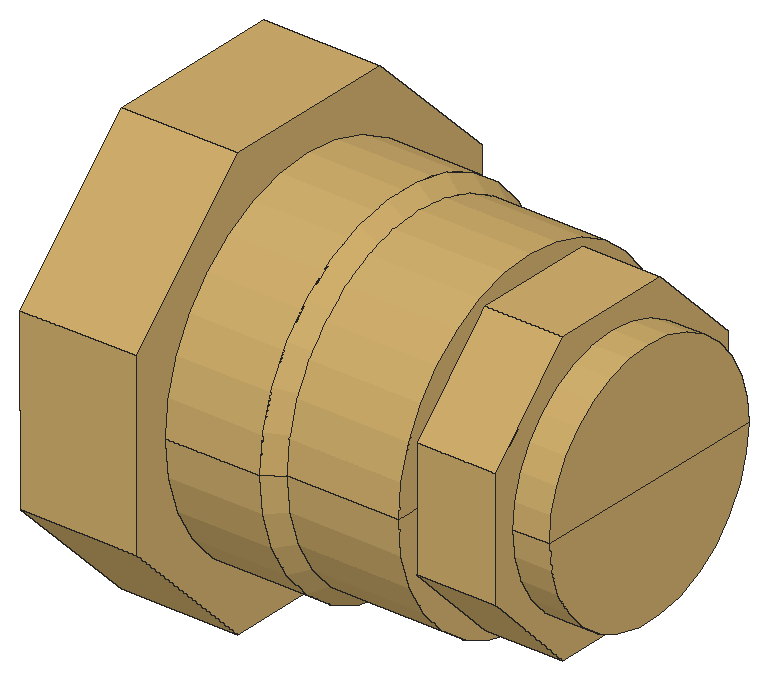
Revit family "Plumbing_Joints_Aignep_Reducer-90620", category Pipe Fittings, Revit 2018
Family settings
  Round Connector Dimension = Use Diameter
  Part Type = Transition
  OmniClass Number = 23.27.43.00
  Work Plane-Based = No
  Always vertical = Yes
  Cut with Voids When Loaded = No
  Shared = No
Parameters (values of type "90620")
  rDistance [instance] = if(Nominal Diameter 01 > Nominal Diameter 02, ch1, b + ch2)  # 14.00 mm
  d [instance] = if(Nominal Diameter 01 > Nominal Diameter 02, 1.50 mm, 0.00 mm)  # 1.50 mm
  ch2 [instance] = if(Nominal Diameter 01 > Nominal Diameter 02, size_lookup(Lookup Table Name, "ch2", 0.00 mm, Nominal Diameter 01, Nominal Diameter 02), size_lookup(Lookup Table Name, "ch2", 0.00 mm, Nominal Diameter 02, Nominal Diameter 01))  # 9.50 mm
  ch1 [instance] = if(Nominal Diameter 01 > Nominal Diameter 02, size_lookup(Lookup Table Name, "ch1", 0.00 mm, Nominal Diameter 01, Nominal Diameter 02), size_lookup(Lookup Table Name, "ch1", 0.00 mm, Nominal Diameter 02, Nominal Diameter 01))  # 14.00 mm
  c [instance] = if(Nominal Diameter 01 > Nominal Diameter 02, 0.00 mm, 1.50 mm)  # 0.00 mm
  b [instance] = if(Nominal Diameter 01 > Nominal Diameter 02, L - CH2 Distance - ch2, CH2 Distance)  # 4.50 mm
  a [instance] = if(Nominal Diameter 01 > Nominal Diameter 02, CH2D + ch2, 0.00 mm)  # 50.50 mm
  Tick Size 02 [instance] = Nominal Diameter 02 * 0.4  # 10.00 mm
  QR code = "https://www.bimobject.com/aignep/product/reducer-90620"
  Product url = "https://www.aignep.com/eng/Pipe-fittings-INFINITY/Air-Pipeline-INFINITY-Series/REDUCER"
  Product name = "Reducer - 90620"
  Product group = "Fittings"
  Product family = "INFINITY"
  Product certification = "https://www.aignep.com/eng/Certificazioni/FREE-OF-SILICON"
  Product SKU = "Reducer-90620"
  Product Material [instance] = AIGNEP - Brass - Yellow
  Product Guid = "d45a52a5-da90-4fda-93d0-b4d554f2275e"
  OmniClass Description = "Pipe Fittings"
  OmniClass Code = "23-27 43 00"
  Note [instance] = "For diameter 63, use Aluminium"  # constant formula
  Nominal Diameter 02 [instance] = 25 mm
  Nominal Diameter 01 [instance] = 32 mm
  Material secondary = "Aluminium"
  Material main = "Brass"
  Manufacturer name = "Aignep Spa"
  Manufacturer country = "Italy"
  Lr2 [instance] = Lr / 2 - 2.00 mm  # 11.50 mm
  Lr1 [instance] = Lr / 2  # 13.50 mm
  Lr [instance] = L - ch1 - ch2 - b  # 27.00 mm
  L [instance] = if(Nominal Diameter 01 > Nominal Diameter 02, size_lookup(Lookup Table Name, "L", 0.00 mm, Nominal Diameter 01, Nominal Diameter 02), size_lookup(Lookup Table Name, "L", 0.00 mm, Nominal Diameter 02, Nominal Diameter 01))  # 55.00 mm
  IFC Classification = "Pipe Fitting"
  E2 [instance] = if(Nominal Diameter 01 > Nominal Diameter 02, size_lookup(Lookup Table Name, "E2", 0.00 mm, Nominal Diameter 01, Nominal Diameter 02), size_lookup(Lookup Table Name, "E2", 0.00 mm, Nominal Diameter 02, Nominal Diameter 01))  # 42.50 mm
  Design country = "Italy"
  Description = "Reducer"
  URL = "https://www.aignep.com/"
  Tick Size 01 [instance] = Nominal Diameter 01 * 0.4  # 12.80 mm
  Product data url = "https://www.bimobject.com/aignep/product/reducer-90620"
  Model = "90620"
  Manufacturer = "Aignep Spa"
  Lookup Table Name = "Reducer - 90620"
  Keynote = "15410"
  Edition number = 1
  D2 [instance] = if(Nominal Diameter 01 > Nominal Diameter 02, size_lookup(Lookup Table Name, "D2", 0.00 mm, Nominal Diameter 01, Nominal Diameter 02), size_lookup(Lookup Table Name, "D2", 0.00 mm, Nominal Diameter 02, Nominal Diameter 01))  # 25.00 mm
  D1 [instance] = if(Nominal Diameter 01 > Nominal Diameter 02, size_lookup(Lookup Table Name, "D1", 0.00 mm, Nominal Diameter 01, Nominal Diameter 02), size_lookup(Lookup Table Name, "D1", 0.00 mm, Nominal Diameter 02, Nominal Diameter 01))  # 32.00 mm
  E1 [instance] = if(Nominal Diameter 01 > Nominal Diameter 02, size_lookup(Lookup Table Name, "E1", 0.00 mm, Nominal Diameter 01, Nominal Diameter 02), size_lookup(Lookup Table Name, "E1", 0.00 mm, Nominal Diameter 02, Nominal Diameter 01))  # 54.00 mm
  CH2D [instance] = if(Nominal Diameter 01 > Nominal Diameter 02, size_lookup(Lookup Table Name, "CH2D", 0.00 mm, Nominal Diameter 01, Nominal Diameter 02), size_lookup(Lookup Table Name, "CH2D", 0.00 mm, Nominal Diameter 02, Nominal Diameter 01))  # 41.00 mm
  CH2 Distance [instance] = if(Nominal Diameter 01 > Nominal Diameter 02, CH2D, L - CH2D - ch2)  # 41.00 mm
  CH2 [instance] = if(Nominal Diameter 01 > Nominal Diameter 02, size_lookup(Lookup Table Name, "CH2", 0.00 mm, Nominal Diameter 01, Nominal Diameter 02), size_lookup(Lookup Table Name, "CH2", 0.00 mm, Nominal Diameter 02, Nominal Diameter 01))  # 35.00 mm
  CH1 Distance [instance] = if(Nominal Diameter 01 > Nominal Diameter 02, 0.00 mm, L - ch1)  # 0.00 mm
  CH1 [instance] = if(Nominal Diameter 01 > Nominal Diameter 02, size_lookup(Lookup Table Name, "CH1", 0.00 mm, Nominal Diameter 01, Nominal Diameter 02), size_lookup(Lookup Table Name, "CH1", 0.00 mm, Nominal Diameter 02, Nominal Diameter 01))  # 52.00 mm
  BIMobject category = "Joints"
  B2 [instance] = if(Nominal Diameter 01 > Nominal Diameter 02, 0.00 mm, B)  # 0.00 mm
  B1 [instance] = if(Nominal Diameter 01 > Nominal Diameter 02, B, 0.00 mm)  # 38.50 mm
  B [instance] = if(Nominal Diameter 01 > Nominal Diameter 02, size_lookup(Lookup Table Name, "B", 0.00 mm, Nominal Diameter 01, Nominal Diameter 02), size_lookup(Lookup Table Name, "B", 0.00 mm, Nominal Diameter 02, Nominal Diameter 01))  # 38.50 mm
  Assembly Code = "D2040100"
  Article Code [instance] = if(Nominal Diameter 01 > Nominal Diameter 02, size_lookup(Lookup Table Name, "", "", Nominal Diameter 01, Nominal Diameter 02), size_lookup(Lookup Table Name, "", "", Nominal Diameter 02, Nominal Diameter 01))  # "90620 00 003"
Reference planes
  plane 1 "Center (Front/Back)": y = 0
  plane 2: z = 0
  plane 3 "Center (Left/Right)": x = 0
  plane 4: y = 21.25
  plane 5: y = -21.25
  plane 6: y = 12.5
  plane 7: y = -12.5
  plane 8: y = 27
  plane 9: y = -27
  plane 10: y = 16
  plane 11: y = -16
  plane 12: x = 55
  plane 13: x = 16.5
  plane 14: x = 41
  plane 15: x = 50.5
  plane 16: x = 14
  plane 17: x = 0
  plane 18: z = 26
  plane 19: z = -26
  plane 20: z = 17.5
  plane 21: z = -17.5
  plane 22: x = 0
Forms (mm)
  Extrusion 1, solid, material "AIGNEP - Brass - Yellow" <- "Product Material", detail levels fine
    sketch origin (0, 0, 0) x (0, 1, 0) y (0, 0, 1)
      loop
        line (-7.333, 17.5) -> (-17.5, 7.165) -> (-17.5, -7.165) -> (-7.333, -17.5) -> (7.333, -17.5) -> (17.5, -7.165) -> (17.5, 7.165) -> (7.333, 17.5) -> (-7.333, 17.5)
    from 41 to 50.5
  Extrusion 2, solid, material "AIGNEP - Brass - Yellow" <- "Product Material", detail levels fine
    sketch origin (-32.5, 55.314, 1200) x (0, 1, 0) y (0, 0, 1)
      loop
        line (-66.084, -1174) -> (-81.314, -1189.23) -> (-81.314, -1210.77) -> (-66.084, -1226) -> (-44.545, -1226) -> (-29.314, -1210.77) -> (-29.314, -1189.23) -> (-44.545, -1174) -> (-66.084, -1174)
    from 32.5 to 46.5
  Revolve 3, solid, material "AIGNEP - Brass - Yellow" <- "Product Material", detail levels fine
    sketch origin (0, 0, 0) x (1, 0, 0) y (0, 1, 0)
      loop
        line (55, 0) -> (55, 15) -> (50.5, 15) -> (50.5, 0) -> (55, 0)
      axis (50.5, 0) -> (55, 0)
    angle from 0 to 360
  Revolve 4, solid, material "AIGNEP - Brass - Yellow" <- "Product Material", detail levels fine
    sketch origin (0, 0, 0) x (1, 0, 0) y (0, 1, 0)
      loop
        line (14, 21.25) -> (14, -0.25) -> (41, -0.25) -> (41, 19.75) -> (27.5, 19.75) -> (25.5, 21.25) -> (14, 21.25)
      axis (41, -0.25) -> (14, -0.25)
    angle from 0 to 360
  Extrusion 5, solid, not visible
    sketch origin (-32.5, 55.314, 1200) x (0, 1, 0) y (0, 0, 1)
      loop
        circle (-55.314, -1200) r 5
    from 32.5 to 49
Lines and regions (mm)
  model lines, detail levels coarse+medium
    curve 1: line (0, 12.8, 0) -> (0, -12.8, 0)
    curve 2: line (16.5, 10, 0) -> (16.5, -10, 0)
    curve 3: line (0, 0, 0) -> (16.5, 0, 0)
Dimensions and locks
  equal spacing: plane 7, plane 1 "Center (Front/Back)", plane 6
  equal spacing: plane 5, plane 1 "Center (Front/Back)", plane 4
  "D2": plane 6 to plane 7
  "E2": plane 4 to plane 5
  equal spacing: plane 9, plane 1 "Center (Front/Back)", plane 8
  equal spacing: plane 11, plane 1 "Center (Front/Back)", plane 10
  "D1": plane 11 to plane 10
  "E1": plane 9 to plane 8
  "L": plane 3 "Center (Left/Right)" to plane 12
  "B1": plane 13 to plane 12
  "ch2": plane 14 to plane 15
  "ch1": plane 17 to plane 16
  "CH1 Distance": plane 3 "Center (Left/Right)" to plane 17
  "CH2 Distance": plane 3 "Center (Left/Right)" to plane 14
  equal spacing: plane 18, level, plane 19
  "CH1": plane 18 to plane 19
  equal spacing: plane 20, level, plane 21
  "CH2": plane 20 to plane 21
  equal spacing: Extrusion 2 sketch curve, plane 1 "Center (Front/Back)", Extrusion 2 sketch curve  (x3)
  "CH1": Extrusion 2 sketch curve to Extrusion 2 sketch curve  (x3)
  equal spacing: Extrusion 1 sketch curve, plane 1 "Center (Front/Back)", Extrusion 1 sketch curve  (x3)
  "CH2": Extrusion 1 sketch curve to Extrusion 1 sketch curve  (x3)
  locked: Revolve 3 sketch curve to plane 6 at 2.5
  "a": plane 3 "Center (Left/Right)" to Revolve 3 sketch curve
  "d": plane 4 to Revolve 4 sketch curve
  "rDistance": plane 3 "Center (Left/Right)" to Revolve 4 sketch curve
  "Lr": Revolve 4 sketch curve to Revolve 4 sketch curve
  "c": plane 4 to Revolve 4 sketch curve
  "b": Revolve 3 sketch curve to Revolve 3 sketch curve
  "B2": plane 3 "Center (Left/Right)" to plane 22
  equal spacing: curve 1, plane 1 "Center (Front/Back)", curve 1
  "Tick Size 01": plane 1 "Center (Front/Back)" to curve 1
  equal spacing: curve 2, plane 1 "Center (Front/Back)", curve 2
  "Tick Size 02": plane 1 "Center (Front/Back)" to curve 2
  "Lr1": Revolve 4 sketch curve to Revolve 4 sketch curve
  "Lr2": Revolve 4 sketch curve to Revolve 4 sketch curve
  locked: Extrusion 2 sketch curve to plane 2 (angle 45.00°)
  locked: plane 2 to Extrusion 2 sketch curve (angle 45.00°)
  locked: plane 2 to Extrusion 2 sketch curve (angle 90.00°)
  locked: plane 2 to Extrusion 1 sketch curve (angle 45.4674°)
  locked: Extrusion 1 sketch curve to plane 2 (angle 45.4674°)
  locked: plane 2 to Extrusion 1 sketch curve (angle 90.00°)
  aligned and locked: level to plane 2
  aligned and locked: Extrusion 1 sketch curve to plane 20
  aligned and locked: plane 21 to Extrusion 1 sketch curve
  aligned and locked: Extrusion 1 to plane 14
  aligned and locked: plane 15 to Extrusion 1
  aligned and locked: Extrusion 2 sketch curve to plane 18
  aligned and locked: plane 19 to Extrusion 2 sketch curve
  aligned and locked: plane 16 to Extrusion 2
  aligned and locked: Extrusion 2 to plane 17
  aligned and locked: plane 22 to Extrusion 5
  aligned and locked: plane 13 to Extrusion 5
  aligned and locked: plane 22 to curve 1
  aligned and locked: curve 2 to plane 13
  aligned and locked: curve 3 to plane 22
  aligned and locked: plane 13 to curve 3
  aligned and locked: plane 1 "Center (Front/Back)" to curve 3
Automatic sketch dimensions
  Extrusion 5 sketch curve to level = 0.00 mm
  Extrusion 5 sketch curve to plane 1 "Center (Front/Back)" = 0.00 mm
  plane 1 "Center (Front/Back)" to Revolve 3 sketch curve = 0.00 mm  (x2)
  plane 14 to Revolve 3 sketch curve = 2.718 mm
  plane 14 to Revolve 3 sketch curve = 0.718 mm
  Revolve 4 sketch curve to plane 12 = 0.00 mm
  plane 1 "Center (Front/Back)" to Revolve 4 sketch curve = 0.25 mm  (x2)
  Revolve 4 sketch curve to plane 3 "Center (Left/Right)" = 0.153 mm
  radius of Extrusion 5 sketch curve = 5.00 mm
Connectors
  piping at (0, 0, 0), diameter 32, driven by "Nominal Diameter 01"
    settings: on Extrusion 5, index 1, connector inside diameter 609.6 mm, connector length 0.00 mm, flow factor 0, pipe flow 0.0 L/s, pressure drop 0.0 Pa, fitting loss kfactor 0, connector angle 0.00°, fixture units 0, engagement length 0.00 mm, angle of deflection 0.00°, flow configuration 0, flow direction 0, fitting loss method 0, system type 28, joint type 0, gender type 0, connector reference index 2, connector utility 0, adjustable connector no, is connector primary yes, connector description ""
  piping at (16.5, 0, 0), diameter 25, driven by "Nominal Diameter 02"
    settings: on Extrusion 5, index 2, connector inside diameter 609.6 mm, connector length 0.00 mm, flow factor 0, pipe flow 0.0 L/s, pressure drop 0.0 Pa, fitting loss kfactor 0, connector angle 0.00°, fixture units 0, engagement length 0.00 mm, angle of deflection 0.00°, flow configuration 0, flow direction 0, fitting loss method 0, system type 28, joint type 0, gender type 0, connector reference index 1, connector utility 0, adjustable connector no, is connector primary no, connector description ""
